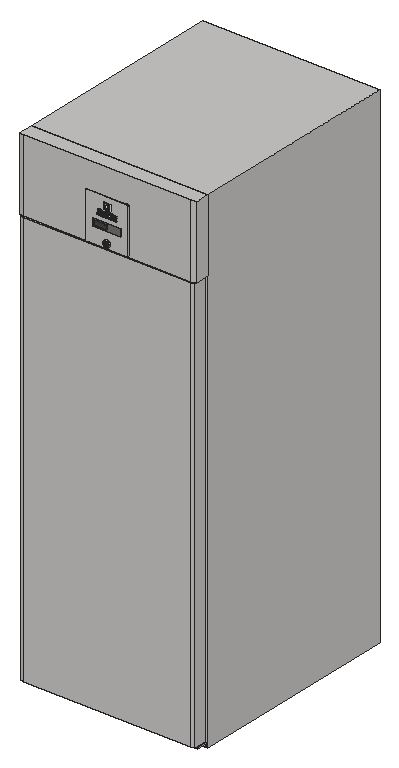
Revit family "QF_ELECTROLUXPROFESSIONAL_725160_RI093RE1FRC", category Specialty Equipment, Revit 2018
Family settings
  Round Connector Dimension = Use Diameter
  Part Type = Normal
  Work Plane-Based = No
  Always vertical = Yes
  Cut with Voids When Loaded = No
  Shared = No
  Room Calculation Point = No
Parameters (values of type "Standard")
  Weight = 133.00 kg
  Watts = 0 W
  Volts = 220 V
  URL Manufacturer = "http://professional.electrolux.com"
  URL = "http://professional.electrolux.com"
  Steam Supply Size = 0 mm
  Steam Supply Minimum Pressure = 0.0 Pa
  Steam Supply Maximum Pressure = 0.0 Pa
  Steam Pounds per Hour = 0
  Refrigeration Suction Line Size = 0.026 mm
  Refrigeration Liquid Line Size = 0.026 mm
  Refrigerant Compressor Remote = yes
  Manufacturer = "Electrolux Professional"
  Phase = 1
  Model = "RI093RE1FRC"
  Length Actual = 750 mm  # constant formula
  Item Number = "725160"
  Hot Water Size = 0 mm
  Height Actual = 2109 mm  # constant formula
  HP = "0.2 HP"
  Gas Size = 0 mm
  Gas KW = 0
  Gas Input Pressure = 0 W
  Direct Waste Size = 0 mm
  Description = "1-DOOR ROLL-IN REFRIGERATOR 930 LT 0/+10° REMOTE CO2+VALVE"
  Depth Actual = 986 mm  # constant formula
  Cycle = 60 Hz
  Condensate Return Size = 0 mm
  Compressed Air Volume = 0.0 L/s
  Compressed Air Size = 0 mm
  Compressed Air Pressure = 0.0 Pa
  Cold Water Size = 0 mm
  Accessory = yes
Types (2, lengths in mm): name | URL | Manufacturer | Phase | Model | Description
  (no name) | 0 | 0 | 0 | 0 | 0
  Standard | "http://professional.electrolux.com" | "Electrolux Professional" | 1 | "RI093RE1FRC" | "1-DOOR ROLL-IN REFRIGERATOR 930 LT 0/+10° REMOTE CO2+VALVE"
Values of the unnamed type that differ from the named types
  Volts = 0 V
  URL Manufacturer = ""
  Item Number = ""
  Cycle = 0 Hz
Reference planes
  plane 1 "Center (Front/Back)": y = 0
  plane 2: z = 0
  plane 3 "Center (Left/Right)": x = 0
  plane 4 "TOP": z = 2111
  plane 5 "FRONT": y = -493
  plane 6 "BACK": y = 493
  plane 7 "LEFT": x = -375
  plane 8 "RIGHT": x = 375
  plane 9 "ROy": y = 220
  plane 10 "RIy": y = 167
  plane 11 "ROx": x = 129
  plane 12 "RIx": x = 192
  plane 13 "ROz": z = 2004
Forms (mm)
  Extrusion 1, solid, material "QF_Finishes_Stainless Steel"
    sketch origin (0, 0, 0) x (1, 0, 0) y (0, 1, 0)
      loop
        line (-375, 493) -> (-375, -421) -> (375, -421) -> (375, 493) -> (-375, 493)
    from 0 to 2111
  Extrusion 2, solid
    sketch origin (0, 493, 1872) x (-1, 0, 0) y (0, 0, 1)
      loop
        circle (359, 144) r 10
    from 0 to 3.2
  Extrusion 3, solid, material "QF_Clearances", detail levels coarse
    sketch origin (0, 0, 0) x (1, 0, 0) y (0, 1, 0)
      loop
        line (-375, -493) -> (-375, 493) -> (375, 493) -> (375, -493) -> (425, -493) -> (425, 543) -> (-425, 543) -> (-425, -493) -> (-375, -493)
    from 0 to 2111
  Extrusion 4, solid, material "QF_Clearances", detail levels coarse
    sketch origin (0, 0, 2111) x (-1, 0, 0) y (0, -1, 0)
      loop
        line (425, -543) -> (425, 493) -> (-425, 493) -> (-425, -543) -> (425, -543)
    from 0 to 500
  Extrusion 5, void
    sketch origin (0, 493, 0) x (-1, 0, 0) y (0, 0, 1)
      loop
        line (315, 1723.5) -> (-315, 1723.5) -> (-315, 5) -> (315, 5) -> (315, 1723.5)
    from -59 to -914
  Extrusion 6, solid, material "QF_Finishes_Stainless Steel"
    sketch origin (0, 0, 2111) x (-1, 0, 0) y (0, -1, 0)
      loop
        circle (-192, -167) r 3
    from -213 to -103
  Extrusion 7, solid, material "QF_Finishes_Stainless Steel"
    sketch origin (0, 0, 0) x (0, 1, 0) y (0, 0, 1)
      loop
        circle (220, 2004) r 4.9
    from 157.649 to 129
Cuts and joins
  joined: Extrusion 3, Extrusion 4
  Extrusion 5 cuts Extrusion 1
Lines and regions (mm)
  symbolic lines, style "QF_Clearances", detail levels coarse
    curve 1: line (-375, -493, 2111) -> (-425, -493, 2111)
    curve 2: line (-425, -493, 2111) -> (-425, 543, 2111)
    curve 3: line (-425, 543, 2111) -> (425, 543, 2111)
    curve 4: line (425, 543, 2111) -> (425, -493, 2111)
    curve 5: line (425, -493, 2111) -> (375, -493, 2111)
Dimensions and locks
  plane 6 "BACK" to plane 1 "Center (Front/Back)" to plane 5 "FRONT" = 493 mm, 493 mm
  equal spacing: plane 7 "LEFT", plane 3 "Center (Left/Right)", plane 8 "RIGHT"
  plane 7 "LEFT" to plane 8 "RIGHT" = 750 mm
  plane 6 "BACK" to plane 5 "FRONT" = 986 mm
  plane 4 "TOP" to plane 2 = 2111 mm
  equal spacing: plane 8 "RIGHT", plane 3 "Center (Left/Right)", plane 7 "LEFT"
  plane 6 "BACK" to nested 1 = 1664 mm
  cut or joined group of Extrusion 1, Extrusion 5 to cut or joined group of Extrusion 1, Extrusion 5 = 630 mm
  cut or joined group of Extrusion 1, Extrusion 5 to cut or joined group of Extrusion 1, Extrusion 5 = 855 mm
  plane 6 "BACK" to plane 10 "RIy" = 326 mm
  plane 12 "RIx" to cut or joined group of Extrusion 1, Extrusion 5 = 183 mm
  plane 11 "ROx" to plane 12 "RIx" = 63 mm
  cut or joined group of Extrusion 1, Extrusion 5 to plane 13 "ROz" = 107 mm
  cut or joined group of Extrusion 3, Extrusion 4 to plane 4 "TOP" = 500 mm
  nested 1 to cut or joined group of Extrusion 1, Extrusion 5 = 980 mm
  nested 1 to nested 1 = 16 mm
  cut or joined group of Extrusion 3, Extrusion 4 to cut or joined group of Extrusion 1, Extrusion 5 = 50 mm
  cut or joined group of Extrusion 3, Extrusion 4 to plane 7 "LEFT" = 50 mm
  cut or joined group of Extrusion 1, Extrusion 5 to cut or joined group of Extrusion 3, Extrusion 4 = 50 mm
  plane 4 "TOP" to plane 13 "ROz" = 107 mm
  plane 9 "ROy" to plane 10 "RIy" = 53 mm
  aligned and locked: level to plane 2
Automatic sketch dimensions
  plane 7 "LEFT" to Extrusion 2 sketch curve = 16 mm
  Extrusion 4 sketch curve to plane 5 "FRONT" = 0 mm
  Extrusion 4 sketch curve to plane 8 "RIGHT" = 50 mm
  Extrusion 4 sketch curve to plane 7 "LEFT" = 50 mm
  plane 6 "BACK" to Extrusion 4 sketch curve = 50 mm
  Extrusion 1 sketch curve to plane 7 "LEFT" = 0 mm
  Extrusion 1 sketch curve to plane 8 "RIGHT" = 0 mm
  Extrusion 1 sketch curve to plane 6 "BACK" = 0 mm
  plane 5 "FRONT" to Extrusion 1 sketch curve = 72 mm
  Extrusion 2 sketch curve to plane 4 "TOP" = 95 mm
  Extrusion 3 sketch curve to plane 5 "FRONT" = 0 mm  (x2)
  Extrusion 3 sketch curve to plane 7 "LEFT" = 0 mm
  Extrusion 3 sketch curve to plane 6 "BACK" = 0 mm
  Extrusion 3 sketch curve to plane 8 "RIGHT" = 0 mm
  Extrusion 3 sketch curve to plane 7 "LEFT" = 50 mm
  Extrusion 3 sketch curve to plane 8 "RIGHT" = 50 mm
  plane 6 "BACK" to Extrusion 3 sketch curve = 50 mm
  level to Extrusion 5 sketch curve = 5 mm
  plane 8 "RIGHT" to Extrusion 5 sketch curve = 60 mm
  plane 7 "LEFT" to Extrusion 5 sketch curve = 60 mm
  Extrusion 5 sketch curve to plane 4 "TOP" = 387.5 mm
  Extrusion 6 sketch curve to plane 10 "RIy" = 0 mm
  Extrusion 6 sketch curve to plane 12 "RIx" = 0 mm
  Extrusion 7 sketch curve to plane 9 "ROy" = 0 mm
  Extrusion 7 sketch curve to plane 13 "ROz" = 0 mm
  curve 4 to plane 5 "FRONT" = 0 mm
  curve 5 to plane 8 "RIGHT" = 0 mm
  curve 1 to plane 5 "FRONT" = 0 mm
  curve 1 to plane 7 "LEFT" = 0 mm
  curve 4 to plane 8 "RIGHT" = 50 mm
  curve 2 to plane 7 "LEFT" = 50 mm
  plane 6 "BACK" to curve 4 = 50 mm
  radius of Extrusion 2 sketch curve = 10 mm
  radius of Extrusion 6 sketch curve = 3 mm
  radius of Extrusion 7 sketch curve = 4.9 mm
Nested families
  nested 1: "QF_725160_Door" at (0, -421, 1060.5) x (1, 0, 0) z (0, -1, 0), type "QF_725160_Door"
    with Show Clearance yes
  nested 2: "Refrigerator" at (370, -442.5, 110), type "Refrigerator"
Connectors
  electrical at (-359, 496.2, 2016), driven by "Volts"
    settings: on Extrusion 2, index 2, voltage 220 V, apparent load 0 VA, apparent load phase1 0 VA, apparent load phase2 0 VA, apparent load phase3 0 VA, power factor 1, load classification "Other", number of poles 1, system type 30, power factor state 1, is connector primary yes, connector utility no, sub classification motor no, connector description "Electrical Connection"
  piping at (192, 167, 2008)
    settings: on Extrusion 6, index 3, connector diameter 0 mm, connector inside diameter 609.6 mm, connector length 0 mm, flow factor 0, pipe flow 0.0 L/s, pressure drop 0.0 Pa, fitting loss kfactor 0, connector angle 0.00°, fixture units 0, engagement length 0 mm, angle of deflection 0.00°, flow configuration 1, flow direction 1, fitting loss method 0, system type 7, joint type 0, gender type 0, connector reference index -1, connector utility 0, adjustable connector no, is connector primary yes, connector description "Refrigerant Inlet"
  piping at (129, 220, 2004)
    settings: on Extrusion 7, index 4, connector diameter 0 mm, connector inside diameter 609.6 mm, connector length 0 mm, flow factor 0, pipe flow 0.0 L/s, pressure drop 0.0 Pa, fitting loss kfactor 0, connector angle 0.00°, fixture units 0, engagement length 0 mm, angle of deflection 0.00°, flow configuration 1, flow direction 2, fitting loss method 0, system type 7, joint type 0, gender type 0, connector reference index -1, connector utility 0, adjustable connector no, is connector primary no, connector description "Refrigerant Outlet"
Definition of nested family "QF_725160_Door"
  Parameters
    Show Clearance [instance] = yes
    Model = "725160"
    Default Elevation = 1219.2 mm
  Reference planes
    plane 1 "Center (Front/Back)": y = 7.5
    plane 2: z = 0
    plane 3 "Center (Left/Right)": x = 0
  Forms (mm)
    Extrusion 1, solid
      sketch origin (0, -919.2, 0) x (1, 0, 0) y (0, 1, 0)
        loop
          line (-740, 2119.2) -> (-740, -324.806) -> (846.344, -324.806) -> (846.344, 2119.2) -> (-740, 2119.2)
      from 0 to -59.546
    Extrusion 2, solid
      sketch origin (0, 7.5, 0) x (1, 0, 0) y (0, 0, 1)
        loop
          line (-375, 60.667) -> (-375, 0) -> (375, 0) -> (375, 60.667) -> (355, 66) -> (-355, 66) -> (-375, 60.667)
      from -1043 to -733
    Extrusion 3, solid
      sketch origin (0, 7.5, 0) x (1, 0, 0) y (0, 0, 1)
        loop
          line (-370, 62) -> (-370, 26) -> (-348, 26) -> (-348, 8) -> (-330, 8) -> (-330, 0) -> (362, 0) -> (362, 8) -> (370, 8) -> (370, 62) -> (355, 66) -> (-355, 66) -> (-370, 62)
      from -726 to 1043
    Extrusion 4, solid
      sketch origin (147, -721.5, 0) x (0, 1, 0) y (0, 0, 1)
        loop
          line (-323.003, 40.312) -> (-316.501, 40.312) -> (-316.501, 42.812) -> (-325.503, 42.812) -> (-325.503, 2.5) -> (-339, 2.5) -> (-339, 0) -> (-323.003, 0) -> (-323.003, 12.259) -> (-323.003, 40.312)
        loop
          line (-314, 38.311) -> (-316.501, 38.311) -> (-316.501, 14.304) -> (-319.752, 14.304) -> (-319.752, 11.804) -> (-314, 11.804) -> (-314, 38.311)
      from 185 to 220
    Extrusion 5, solid
      sketch origin (147, 499.597, 0) x (0, 1, 0) y (0, 0, 1)
        loop
          line (233.903, 27.948) -> (233.903, 2.948) -> (233.903, 0) -> (240.903, 0) -> (240.903, 2.5) -> (236.403, 2.5) -> (236.403, 27.948) -> (233.903, 27.948)
      from 185 to 220
    Extrusion 6, solid, detail levels coarse
      sketch origin (24, 1013.369, -334) x (-1, 0, 0) y (0, 0, -1)
        loop
          line (-367, -352) -> (-367, -1084) -> (-329, -1084) -> (-329, -1062) -> (-311, -1062) -> (-311, -1044) -> (-303, -1044) -> (-303, -400) -> (-351, -400) -> (-351, -352) -> (-367, -352)
      from 2048.869 to 279.869
    Extrusion 7, solid, detail levels coarse
      sketch origin (41, 1123.369, -334) x (1, 0, 0) y (0, 0, 1)
        loop
          line (286, 400) -> (286, 1044) -> (294, 1044) -> (294, 1062) -> (312, 1062) -> (312, 1084)
          arc (312, 1084) -> (-184.675, 884.882) -> (-411, 400) r 727.877
          line (-411, 400) -> (286, 400)
      from 2158.869 to 389.869
  Lines and regions (mm)
    symbolic lines
      curve 1: line (-375, 7.5, 0) -> (-375, 7.5, 60.667)
      curve 2: line (375, 7.5, 0) -> (-375, 7.5, 0)
      curve 3: line (391, 7.5, 18) -> (391, 7.5, 750)
      curve 4: line (327, 7.5, 66) -> (327, 7.5, 710)
      curve 5: line (391, 7.5, 750) -> (353, 7.5, 750)
      curve 6: line (353, 7.5, 728) -> (353, 7.5, 750)
      curve 7: line (335, 7.5, 728) -> (353, 7.5, 728)
      curve 8: line (335, 7.5, 710) -> (335, 7.5, 728)
      curve 9: line (327, 7.5, 710) -> (335, 7.5, 710)
      curve 10: line (375, 7.5, 18) -> (391, 7.5, 18)
      curve 11: arc (353, 7.5, 750) -> (-143.675, 7.5, 550.882) -> (-370, 7.5, 66) r 727.877
      curve 12: line (375, 7.5, 0) -> (375, 7.5, 60.667)
      curve 13: line (-355, 7.5, 66) -> (-375, 7.5, 60.667)
      curve 14: line (355, 7.5, 66) -> (-355, 7.5, 66)
      curve 15: line (375, 7.5, 60.667) -> (355, 7.5, 66)
  Dimensions and locks
    Extrusion 4 to Extrusion 2 = 2111 mm
    Extrusion 3 to Extrusion 3 = 740 mm
    aligned and locked: plane 2 to Extrusion 1
    aligned and locked: level to Extrusion 1
  Nested families
    nested 1: "QF_DisplayNewRollCabinets_ELX" at (0, 840.5, 66), type "QF_DisplayNewRollCabinets_ELX"
      with Show Clearance yes
  Definition of nested family "QF_DisplayNewRollCabinets_ELX"
    Parameters
      Show Clearance [instance] = yes
      Model = "728658"
      Default Elevation = 1219.2 mm
    Reference planes
      plane 1 "Center (Front/Back)": y = 0
      plane 2: z = 0
      plane 3 "Center (Left/Right)": x = 0
    Forms (mm)
      Extrusion 1, solid
        sketch origin (0, -919.2, 0) x (1, 0, 0) y (0, 1, 0)
          loop
            line (-198.75, 1146.2) -> (-198.75, 709.567) -> (165.741, 709.567) -> (165.741, 1146.2) -> (-198.75, 1146.2)
        from 0 to -59.546
      Extrusion 2, solid
        sketch origin (-59, -79.611, 0) x (0, 1, 0) y (-1, 0, 0)
          loop
            circle (0.611, -59) r 14
          loop
            circle (0.611, -59) r 10
        from 1.6 to 6
      Extrusion 3, solid
        sketch origin (744.635, 285.889, 0) x (0, 1, 0) y (-1, 0, 0)
          loop
            circle (-364.889, 744.635) r 10
          loop
            circle (-364.889, 744.635) r 9
        from 1.6 to 6
      Extrusion 4, solid
        sketch origin (744.635, 285.889, 0) x (0, 1, 0) y (-1, 0, 0)
          loop
            circle (-364.889, 744.635) r 8.7
        from 1.6 to 6
      Extrusion 5, void
        sketch origin (744.635, 285.889, 0) x (0, 1, 0) y (-1, 0, 0)
          loop
            line (-372.339, 745.885) -> (-372.339, 743.385) -> (-362.339, 743.385) -> (-362.339, 745.885) -> (-372.339, 745.885)
        from 3 to 7
      Extrusion 6, solid
        sketch origin (0, 0, 0) x (1, 0, 0) y (0, 1, 0)
          loop
            arc (-90, -95) -> (-88.536, -98.536) -> (-85, -100) r 5
            line (-85, -100) -> (85, -100)
            arc (85, -100) -> (88.536, -98.536) -> (90, -95) r 5
            line (90, -95) -> (90, 95)
            arc (90, 95) -> (88.536, 98.536) -> (85, 100) r 5
            line (85, 100) -> (-85, 100)
            arc (-85, 100) -> (-88.536, 98.536) -> (-90, 95) r 5
            line (-90, 95) -> (-90, -95)
          loop
            line (-60, -3.798) -> (-60, -32.827) -> (60, -32.827) -> (60, -3.798) -> (-60, -3.798)
        from 0 to 1.6
      Extrusion 7, solid
        sketch origin (0, 0, 0) x (1, 0, 0) y (0, 1, 0)
          loop
            line (-60, -3.798) -> (-60, -32.827) -> (60, -32.827) -> (60, -3.798) -> (-60, -3.798)
          loop
            line (-56.428, -8.037) -> (-56.428, -28.331) -> (0, -28.331) -> (0, -8.037) -> (-56.428, -8.037)
        from 0 to 1.6
      Extrusion 8, solid
        sketch origin (0, 0, 0) x (1, 0, 0) y (0, 1, 0)
          loop
            line (-56.428, -8.037) -> (-56.428, -28.331) -> (0, -28.331) -> (0, -8.037) -> (-56.428, -8.037)
        from 0 to 1.6
      Extrusion 9, solid
        sketch origin (0, 0, 0) x (1, 0, 0) y (0, 1, 0)
          loop
            spline (-35.495, 30.517) -> (-35.679, 30.525) -> (-35.875, 30.55) -> (-36.078, 30.596) -> (-36.282, 30.665) -> (-36.483, 30.762) -> (-36.674, 30.888) -> (-36.851, 31.047) -> (-37.007, 31.242) -> (-37.138, 31.476) -> (-37.238, 31.752) -> (-37.302, 32.073) -> (-37.325, 32.443)
            line (-37.325, 32.443) -> (-37.325, 34.082) -> (-31.914, 34.082) -> (-31.914, 36.172) -> (-37.326, 36.172) -> (-37.326, 39.215) -> (-31.569, 39.215) -> (-31.569, 41.3) -> (-39.541, 41.3) -> (-39.541, 32.538)
            spline (-39.541, 32.538) -> (-39.521, 31.999) -> (-39.461, 31.491) -> (-39.359, 31.016) -> (-39.214, 30.575) -> (-39.026, 30.17) -> (-38.792, 29.803) -> (-38.513, 29.476) -> (-38.186, 29.19) -> (-37.811, 28.948) -> (-37.386, 28.75) -> (-36.91, 28.599) -> (-36.383, 28.497)
            line (-36.383, 28.497) -> (-35.513, 28.434) -> (-31.415, 28.434) -> (-31.415, 30.517) -> (-35.495, 30.517)
          loop
            line (-29.841, 35.221) -> (-29.841, 28.431) -> (-27.625, 28.431) -> (-27.625, 41.303) -> (-29.841, 41.303) -> (-29.841, 35.221)
          loop
            spline (-16.689, 32.543) -> (-16.674, 33.24) -> (-16.741, 33.914) -> (-16.887, 34.559) -> (-17.108, 35.168) -> (-17.403, 35.737) -> (-17.768, 36.257) -> (-18.2, 36.724) -> (-18.697, 37.131) -> (-19.255, 37.471) -> (-19.872, 37.739) -> (-20.545, 37.929) -> (-21.271, 38.033)
            spline (-21.271, 38.033) -> (-21.961, 37.993) -> (-22.617, 37.875) -> (-23.233, 37.682) -> (-23.805, 37.417) -> (-24.328, 37.083) -> (-24.797, 36.683) -> (-25.207, 36.219) -> (-25.554, 35.696) -> (-25.832, 35.116) -> (-26.036, 34.481) -> (-26.162, 33.795) -> (-26.206, 33.061)
            spline (-26.206, 33.061) -> (-26.164, 32.345) -> (-26.041, 31.676) -> (-25.841, 31.056) -> (-25.568, 30.489) -> (-25.226, 29.977) -> (-24.818, 29.524) -> (-24.348, 29.133) -> (-23.822, 28.805) -> (-23.241, 28.546) -> (-22.61, 28.357) -> (-21.934, 28.241) -> (-21.215, 28.202)
            spline (-21.215, 28.202) -> (-20.865, 28.21) -> (-20.518, 28.237) -> (-20.176, 28.283) -> (-19.837, 28.35) -> (-19.503, 28.441) -> (-19.173, 28.557) -> (-18.847, 28.699) -> (-18.525, 28.87) -> (-18.208, 29.07) -> (-17.895, 29.303) -> (-17.587, 29.569) -> (-17.283, 29.871)
            line (-17.283, 29.871) -> (-18.618, 31.17)
            spline (-18.618, 31.17) -> (-18.794, 31.001) -> (-18.971, 30.845) -> (-19.151, 30.704) -> (-19.334, 30.578) -> (-19.523, 30.465) -> (-19.72, 30.368) -> (-19.925, 30.284) -> (-20.141, 30.216) -> (-20.369, 30.163) -> (-20.61, 30.125) -> (-20.867, 30.102) -> (-21.141, 30.094)
            spline (-21.141, 30.094) -> (-21.542, 30.114) -> (-21.918, 30.172) -> (-22.268, 30.268) -> (-22.589, 30.399) -> (-22.881, 30.564) -> (-23.142, 30.762) -> (-23.37, 30.99) -> (-23.564, 31.248) -> (-23.721, 31.534) -> (-23.841, 31.846) -> (-23.921, 32.183) -> (-23.961, 32.543)
            line (-23.961, 32.543) -> (-16.689, 32.543)
          loop
            spline (-18.915, 34.101) -> (-18.937, 34.375) -> (-19, 34.638) -> (-19.101, 34.889) -> (-19.237, 35.124) -> (-19.407, 35.342) -> (-19.606, 35.538) -> (-19.833, 35.712) -> (-20.083, 35.859) -> (-20.355, 35.979) -> (-20.646, 36.067) -> (-20.952, 36.122) -> (-21.271, 36.141)
            spline (-21.271, 36.141) -> (-21.613, 36.123) -> (-21.943, 36.069) -> (-22.256, 35.981) -> (-22.552, 35.864) -> (-22.825, 35.717) -> (-23.075, 35.545) -> (-23.297, 35.35) -> (-23.49, 35.133) -> (-23.65, 34.897) -> (-23.774, 34.645) -> (-23.86, 34.379) -> (-23.905, 34.101)
            line (-23.905, 34.101) -> (-18.915, 34.101)
          loop
            spline (-13.301, 33.118) -> (-13.275, 33.53) -> (-13.201, 33.921) -> (-13.081, 34.288) -> (-12.918, 34.628) -> (-12.715, 34.938) -> (-12.475, 35.216) -> (-12.201, 35.459) -> (-11.896, 35.664) -> (-11.563, 35.828) -> (-11.205, 35.948) -> (-10.825, 36.023) -> (-10.425, 36.048)
            spline (-10.425, 36.048) -> (-10.18, 36.041) -> (-9.946, 36.018) -> (-9.721, 35.98) -> (-9.505, 35.928) -> (-9.298, 35.862) -> (-9.099, 35.782) -> (-8.908, 35.688) -> (-8.724, 35.581) -> (-8.547, 35.461) -> (-8.376, 35.329) -> (-8.211, 35.185) -> (-8.051, 35.028)
            line (-8.051, 35.028) -> (-6.678, 36.457)
            spline (-6.678, 36.457) -> (-6.951, 36.73) -> (-7.233, 36.975) -> (-7.522, 37.194) -> (-7.819, 37.386) -> (-8.123, 37.553) -> (-8.434, 37.695) -> (-8.751, 37.813) -> (-9.075, 37.908) -> (-9.404, 37.98) -> (-9.739, 38.031) -> (-10.08, 38.061) -> (-10.425, 38.07)
            spline (-10.425, 38.07) -> (-11.118, 38.028) -> (-11.781, 37.902) -> (-12.409, 37.698) -> (-12.996, 37.421) -> (-13.537, 37.075) -> (-14.024, 36.665) -> (-14.453, 36.196) -> (-14.817, 35.671) -> (-15.11, 35.097) -> (-15.327, 34.476) -> (-15.462, 33.815) -> (-15.508, 33.118)
            spline (-15.508, 33.118) -> (-15.462, 32.42) -> (-15.327, 31.759) -> (-15.11, 31.138) -> (-14.817, 30.564) -> (-14.453, 30.039) -> (-14.024, 29.57) -> (-13.537, 29.16) -> (-12.996, 28.814) -> (-12.409, 28.537) -> (-11.781, 28.333) -> (-11.118, 28.207) -> (-10.425, 28.165)
            spline (-10.425, 28.165) -> (-10.08, 28.174) -> (-9.739, 28.204) -> (-9.404, 28.255) -> (-9.075, 28.327) -> (-8.751, 28.422) -> (-8.434, 28.54) -> (-8.123, 28.682) -> (-7.819, 28.849) -> (-7.522, 29.041) -> (-7.233, 29.26) -> (-6.951, 29.505) -> (-6.678, 29.779)
            line (-6.678, 29.779) -> (-8.051, 31.207)
            spline (-8.051, 31.207) -> (-8.211, 31.05) -> (-8.376, 30.906) -> (-8.547, 30.774) -> (-8.724, 30.654) -> (-8.908, 30.547) -> (-9.099, 30.453) -> (-9.298, 30.373) -> (-9.505, 30.307) -> (-9.721, 30.255) -> (-9.946, 30.217) -> (-10.18, 30.194) -> (-10.425, 30.187)
            spline (-10.425, 30.187) -> (-10.825, 30.212) -> (-11.205, 30.287) -> (-11.563, 30.407) -> (-11.896, 30.571) -> (-12.201, 30.776) -> (-12.475, 31.019) -> (-12.715, 31.297) -> (-12.918, 31.607) -> (-13.081, 31.947) -> (-13.201, 32.314) -> (-13.275, 32.705) -> (-13.301, 33.118)
          loop
            spline (-1.029, 30.514) -> (-1.224, 30.511) -> (-1.433, 30.525) -> (-1.651, 30.562) -> (-1.872, 30.623) -> (-2.09, 30.713) -> (-2.301, 30.835) -> (-2.498, 30.992) -> (-2.675, 31.189) -> (-2.829, 31.429) -> (-2.952, 31.716) -> (-3.039, 32.053) -> (-3.086, 32.443)
            line (-3.086, 32.443) -> (-3.086, 35.726) -> (-1.07, 35.726) -> (-1.07, 37.739) -> (-3.083, 37.739) -> (-3.083, 41.303) -> (-5.299, 41.303) -> (-5.299, 32.317)
            spline (-5.299, 32.317) -> (-5.251, 31.795) -> (-5.165, 31.305) -> (-5.04, 30.847) -> (-4.875, 30.424) -> (-4.668, 30.037) -> (-4.418, 29.687) -> (-4.125, 29.377) -> (-3.788, 29.108) -> (-3.405, 28.881) -> (-2.975, 28.699) -> (-2.498, 28.562) -> (-1.972, 28.474)
            line (-1.972, 28.474) -> (-1.037, 28.431) -> (-1.029, 30.514)
          loop
            spline (6.427, 37.868) -> (6.044, 37.892) -> (5.675, 37.885) -> (5.321, 37.849) -> (4.984, 37.784) -> (4.663, 37.692) -> (4.362, 37.573) -> (4.079, 37.428) -> (3.817, 37.259) -> (3.576, 37.066) -> (3.358, 36.85) -> (3.163, 36.613) -> (2.992, 36.355)
            line (2.992, 36.355) -> (2.992, 37.739) -> (0.794, 37.739) -> (0.794, 28.431) -> (2.992, 28.431) -> (2.992, 33.325)
            spline (2.992, 33.325) -> (3.013, 33.696) -> (3.072, 34.042) -> (3.169, 34.362) -> (3.303, 34.653) -> (3.471, 34.915) -> (3.673, 35.147) -> (3.907, 35.346) -> (4.171, 35.513) -> (4.465, 35.644) -> (4.785, 35.74) -> (5.132, 35.799) -> (5.504, 35.818)
            line (5.504, 35.818) -> (6.427, 35.726) -> (6.427, 37.868)
          loop
            spline (16.924, 33.085) -> (16.877, 33.768) -> (16.743, 34.419) -> (16.525, 35.032) -> (16.231, 35.603) -> (15.866, 36.126) -> (15.437, 36.596) -> (14.949, 37.008) -> (14.409, 37.357) -> (13.823, 37.637) -> (13.196, 37.844) -> (12.535, 37.972) -> (11.845, 38.016)
            spline (11.845, 38.016) -> (11.152, 37.972) -> (10.488, 37.844) -> (9.86, 37.637) -> (9.273, 37.357) -> (8.733, 37.008) -> (8.246, 36.596) -> (7.818, 36.126) -> (7.455, 35.603) -> (7.163, 35.032) -> (6.946, 34.419) -> (6.812, 33.768) -> (6.766, 33.085)
            spline (6.766, 33.085) -> (6.812, 32.402) -> (6.946, 31.752) -> (7.163, 31.138) -> (7.455, 30.568) -> (7.818, 30.045) -> (8.246, 29.574) -> (8.733, 29.162) -> (9.273, 28.813) -> (9.86, 28.533) -> (10.488, 28.326) -> (11.152, 28.198) -> (11.845, 28.154)
            spline (11.845, 28.154) -> (12.535, 28.198) -> (13.196, 28.326) -> (13.823, 28.533) -> (14.409, 28.813) -> (14.949, 29.162) -> (15.437, 29.574) -> (15.866, 30.045) -> (16.231, 30.568) -> (16.525, 31.138) -> (16.743, 31.752) -> (16.877, 32.402) -> (16.924, 33.085)
          loop
            spline (14.726, 33.085) -> (14.7, 33.488) -> (14.625, 33.872) -> (14.504, 34.235) -> (14.34, 34.572) -> (14.136, 34.882) -> (13.895, 35.161) -> (13.62, 35.405) -> (13.315, 35.612) -> (12.981, 35.778) -> (12.623, 35.901) -> (12.244, 35.977) -> (11.845, 36.003)
            spline (11.845, 36.003) -> (11.443, 35.977) -> (11.061, 35.901) -> (10.702, 35.778) -> (10.368, 35.612) -> (10.063, 35.405) -> (9.789, 35.161) -> (9.549, 34.882) -> (9.346, 34.572) -> (9.184, 34.235) -> (9.064, 33.872) -> (8.99, 33.488) -> (8.965, 33.085)
            spline (8.965, 33.085) -> (8.99, 32.682) -> (9.064, 32.298) -> (9.184, 31.936) -> (9.346, 31.598) -> (9.549, 31.288) -> (9.789, 31.01) -> (10.063, 30.765) -> (10.368, 30.558) -> (10.702, 30.392) -> (11.061, 30.269) -> (11.443, 30.193) -> (11.845, 30.167)
            spline (11.845, 30.167) -> (12.244, 30.193) -> (12.623, 30.269) -> (12.981, 30.392) -> (13.315, 30.558) -> (13.62, 30.765) -> (13.895, 31.01) -> (14.136, 31.288) -> (14.34, 31.598) -> (14.504, 31.936) -> (14.625, 32.298) -> (14.7, 32.682) -> (14.726, 33.085)
          loop
            line (18.286, 35.443) -> (18.286, 28.431) -> (20.504, 28.431) -> (20.504, 41.303) -> (18.286, 41.303) -> (18.286, 35.443)
          loop
            line (28.496, 37.739) -> (28.496, 32.328)
            spline (28.496, 32.328) -> (28.478, 31.977) -> (28.426, 31.659) -> (28.342, 31.376) -> (28.228, 31.126) -> (28.085, 30.908) -> (27.916, 30.721) -> (27.723, 30.566) -> (27.508, 30.44) -> (27.273, 30.344) -> (27.019, 30.276) -> (26.748, 30.236) -> (26.464, 30.223)
            spline (26.464, 30.223) -> (26.18, 30.236) -> (25.909, 30.276) -> (25.656, 30.344) -> (25.42, 30.44) -> (25.205, 30.564) -> (25.012, 30.719) -> (24.843, 30.904) -> (24.701, 31.12) -> (24.587, 31.368) -> (24.503, 31.648) -> (24.451, 31.962) -> (24.433, 32.309)
            line (24.433, 32.309) -> (24.433, 37.739) -> (22.198, 37.739) -> (22.198, 32.125)
            spline (22.198, 32.125) -> (22.238, 31.488) -> (22.352, 30.91) -> (22.537, 30.388) -> (22.786, 29.923) -> (23.095, 29.514) -> (23.456, 29.16) -> (23.866, 28.863) -> (24.319, 28.62) -> (24.808, 28.432) -> (25.33, 28.298) -> (25.877, 28.218) -> (26.446, 28.191)
            spline (26.446, 28.191) -> (27.019, 28.218) -> (27.571, 28.299) -> (28.097, 28.435) -> (28.591, 28.626) -> (29.047, 28.872) -> (29.46, 29.174) -> (29.825, 29.532) -> (30.136, 29.947) -> (30.387, 30.419) -> (30.574, 30.948) -> (30.69, 31.535) -> (30.729, 32.18)
            line (30.729, 32.18) -> (30.729, 37.739) -> (28.496, 37.739)
          loop
            line (39.115, 31.408) -> (37.717, 33.362) -> (39.448, 35.719) -> (40.93, 37.739) -> (38.511, 37.739) -> (36.497, 34.95) -> (34.466, 37.739) -> (32.065, 37.739) -> (33.442, 35.856) -> (35.279, 33.344) -> (33.354, 30.663) -> (31.751, 28.431) -> (34.134, 28.431) -> (36.497, 31.719) -> (38.861, 28.431) -> (41.244, 28.431) -> (39.115, 31.408)
          loop
            line (-38.295, 23.783) -> (-40.009, 23.783) -> (-40.009, 19.333) -> (-39.095, 19.333) -> (-39.095, 20.841) -> (-38.295, 20.841)
            arc (-38.295, 20.841) -> (-36.824, 22.312) -> (-38.295, 23.783) r 1.471
          loop
            arc (-38.234, 21.69) -> (-37.702, 22.312) -> (-38.234, 22.934) r 0.63
            line (-38.234, 22.934) -> (-39.095, 22.934) -> (-39.095, 21.69) -> (-38.234, 21.69)
          loop
            line (-31.313, 23.783) -> (-33.058, 23.783) -> (-33.058, 19.333) -> (-32.144, 19.333) -> (-32.144, 20.866) -> (-31.349, 20.866) -> (-30.568, 19.333) -> (-29.53, 19.333) -> (-30.598, 21.091)
            arc (-30.598, 21.091) -> (-30.04, 21.611) -> (-29.845, 22.348) r 1.374
            arc (-29.845, 22.348) -> (-30.287, 23.365) -> (-31.313, 23.783) r 1.469
          loop
            line (-31.332, 22.942) -> (-32.144, 22.942) -> (-32.144, 21.7) -> (-31.332, 21.7)
            arc (-31.332, 21.7) -> (-30.827, 22.321) -> (-31.332, 22.942) r 0.634
          loop
            circle (-23.849, 21.558) r 2.311
          loop
            circle (-23.849, 21.558) r 1.467
          loop
            line (-17.711, 23.783) -> (-17.711, 19.333) -> (-16.796, 19.333) -> (-16.796, 21.162) -> (-15.122, 21.162) -> (-15.122, 22.003) -> (-16.796, 22.003) -> (-16.796, 22.942) -> (-14.961, 22.942) -> (-14.961, 23.783) -> (-17.711, 23.783)
          loop
            line (-11.187, 23.783) -> (-11.187, 20.776)
            arc (-11.187, 20.776) -> (-10.776, 19.757) -> (-9.763, 19.333) r 1.424
            line (-9.763, 19.333) -> (-8.326, 19.333) -> (-8.326, 20.174) -> (-9.388, 20.174)
            arc (-9.388, 20.174) -> (-10.074, 20.494) -> (-10.272, 21.224) r 0.897
            line (-10.272, 21.224) -> (-8.492, 21.224) -> (-8.492, 22.065) -> (-10.272, 22.065) -> (-10.272, 22.942) -> (-8.369, 22.942) -> (-8.369, 23.783) -> (-11.187, 23.783)
          loop
            line (-2.341, 22.616) -> (-1.684, 23.067)
            arc (-1.684, 23.067) -> (-2.293, 23.661) -> (-3.121, 23.857) r 1.593
            arc (-3.121, 23.857) -> (-3.842, 23.672) -> (-4.423, 23.206) r 1.765
            arc (-4.423, 23.206) -> (-4.501, 22.623) -> (-4.383, 22.046) r 1.775
            arc (-4.383, 22.046) -> (-3.986, 21.617) -> (-3.47, 21.346) r 1.724
            arc (-3.47, 21.346) -> (-3.071, 21.188) -> (-2.688, 20.994) r 4.507
            arc (-2.688, 20.994) -> (-2.464, 20.43) -> (-2.973, 20.098) r 0.479
            arc (-2.973, 20.098) -> (-3.616, 20.315) -> (-4.111, 20.78) r 1.593
            line (-4.111, 20.78) -> (-4.81, 20.341)
            arc (-4.81, 20.341) -> (-4.533, 19.884) -> (-4.129, 19.534) r 1.711
            arc (-4.129, 19.534) -> (-3.616, 19.315) -> (-3.061, 19.259) r 1.845
            arc (-3.061, 19.259) -> (-2.375, 19.396) -> (-1.757, 19.724) r 2.41
            arc (-1.757, 19.724) -> (-1.484, 20.45) -> (-1.625, 21.213) r 1.447
            arc (-1.625, 21.213) -> (-1.929, 21.564) -> (-2.319, 21.818) r 1.678
            arc (-2.319, 21.818) -> (-2.811, 22.038) -> (-3.316, 22.227) r 8.836
            arc (-3.316, 22.227) -> (-3.607, 22.681) -> (-3.186, 23.017) r 0.402
            arc (-3.186, 23.017) -> (-2.717, 22.913) -> (-2.341, 22.616) r 1.07
          loop
            line (9.023, 23.783) -> (9.023, 19.333) -> (9.938, 19.333) -> (9.938, 23.783) -> (9.023, 23.783)
          loop
            circle (16.107, 21.558) r 1.384
          loop
            circle (16.107, 21.558) r 2.311
          loop
            line (22.245, 19.333) -> (23.169, 19.333) -> (23.169, 22.131) -> (25.205, 19.333) -> (26.094, 19.333) -> (26.094, 23.783) -> (25.17, 23.783) -> (25.17, 20.9) -> (23.135, 23.783) -> (22.245, 23.783) -> (22.245, 19.333)
          loop
            line (30.707, 19.333) -> (31.141, 20.293) -> (32.787, 20.293) -> (33.22, 19.333) -> (34.204, 19.333) -> (31.937, 23.783) -> (29.725, 19.333) -> (30.707, 19.333)
          loop
            line (31.964, 22.119) -> (31.552, 21.206) -> (32.376, 21.206) -> (31.964, 22.119)
          loop
            line (38.748, 20.174) -> (38.748, 23.783) -> (37.833, 23.783) -> (37.833, 19.333) -> (40.459, 19.333) -> (40.459, 20.174) -> (38.748, 20.174)
          loop
            line (-14.216, 47.398) -> (14.216, 47.398) -> (14.216, 75.792) -> (-14.216, 75.792) -> (-14.216, 47.398)
          loop
            line (3.797, 74.398) -> (3.797, 48.85)
            arc (3.797, 48.85) -> (13.241, 61.624) -> (3.797, 74.398) r 13.361
          loop
            line (2.497, 72.548) -> (2.497, 74.398)
            arc (2.497, 74.398) -> (-8.128, 71.983) -> (-13.247, 62.364) r 13.094
            line (-13.247, 62.364) -> (-9.02, 62.364)
            arc (-9.02, 62.364) -> (-1.469, 65.429) -> (2.497, 72.548) r 12.273
          loop
            arc (-13.247, 60.883) -> (-8.136, 51.185) -> (2.497, 48.522) r 13.436
            line (2.497, 48.522) -> (2.497, 50.7)
            arc (2.497, 50.7) -> (-1.469, 57.818) -> (-9.02, 60.883) r 12.273
            line (-9.02, 60.883) -> (-13.247, 60.883)
          loop
            line (4.381, 22.616) -> (5.039, 23.067)
            arc (5.039, 23.067) -> (4.429, 23.661) -> (3.601, 23.857) r 1.593
            arc (3.601, 23.857) -> (2.88, 23.672) -> (2.299, 23.206) r 1.765
            arc (2.299, 23.206) -> (2.221, 22.623) -> (2.339, 22.046) r 1.775
            arc (2.339, 22.046) -> (2.736, 21.617) -> (3.252, 21.346) r 1.724
            arc (3.252, 21.346) -> (3.651, 21.188) -> (4.034, 20.994) r 4.507
            arc (4.034, 20.994) -> (4.258, 20.43) -> (3.75, 20.098) r 0.479
            arc (3.75, 20.098) -> (3.106, 20.315) -> (2.611, 20.78) r 1.593
            line (2.611, 20.78) -> (1.912, 20.341)
            arc (1.912, 20.341) -> (2.189, 19.884) -> (2.594, 19.534) r 1.711
            arc (2.594, 19.534) -> (3.106, 19.315) -> (3.661, 19.259) r 1.845
            arc (3.661, 19.259) -> (4.347, 19.396) -> (4.965, 19.724) r 2.41
            arc (4.965, 19.724) -> (5.238, 20.45) -> (5.097, 21.213) r 1.447
            arc (5.097, 21.213) -> (4.793, 21.564) -> (4.403, 21.818) r 1.678
            arc (4.403, 21.818) -> (3.911, 22.038) -> (3.406, 22.227) r 8.836
            arc (3.406, 22.227) -> (3.115, 22.681) -> (3.536, 23.017) r 0.402
            arc (3.536, 23.017) -> (4.005, 22.913) -> (4.381, 22.616) r 1.07
        from 1.6 to 3.2
      Extrusion 10, solid
        sketch origin (0, 0, 0) x (1, 0, 0) y (0, 1, 0)
          loop
            line (1.25, -86.45) -> (1.25, -76.45) -> (-1.25, -76.45) -> (-1.25, -86.45) -> (1.25, -86.45)
        from 1.6 to 6
    Cuts and joins
      Extrusion 5 cuts Extrusion 4
    Lines and regions (mm)
      symbolic lines
        curve 1: line (52.518, 0, 4) -> (-53.037, 0, 4)
        curve 2: line (40, 0, 4) -> (40, 0, 6)
        curve 3: line (40, 0, 6) -> (-40, 0, 6)
        curve 4: line (-40, 0, 6) -> (-40, 0, 4)
        curve 5: line (-64.765, 0, 0) -> (-53.037, 0, 4)
        curve 6: line (52.518, 0, 4) -> (64.135, 0, 0)
    Dimensions and locks
      aligned and locked: plane 2 to Extrusion 1
      aligned and locked: level to Extrusion 1
Definition of nested family "Refrigerator"
  Reference planes
    plane 1 "Center (Front/Back)": y = 0
    plane 2: z = 0
    plane 3 "Center (Left/Right)": x = 0
  Lines and regions (mm)
    detail lines, in view "Ref. Level"
      curve 1: spline (-500, 190, 0) -> (-493.185, 166.706, 0) -> (-473.205, 145, 0) -> (-441.421, 126.36, 0) -> (-400, 112.058, 0) -> (-351.764, 103.067, 0) -> (-300, 100, 0) -> (-248.236, 103.067, 0) -> (-200, 112.058, 0) -> (-158.579, 126.36, 0) -> (-126.795, 145, 0) -> (-106.815, 166.706, 0) -> (-100, 190, 0) -> (-106.815, 213.294, 0) -> (-126.795, 235, 0) -> (-158.579, 253.64, 0) -> (-200, 267.942, 0) -> (-248.236, 276.933, 0) -> (-300, 280, 0) -> (-351.764, 276.933, 0) -> (-400, 267.942, 0) -> (-441.421, 253.64, 0) -> (-473.205, 235, 0) -> (-493.185, 213.294, 0) -> (-500, 190, 0)
      curve 2: line (-300, 130, 0) -> (-300, 250, 0)
      curve 3: line (-351.962, 220, 0) -> (-248.038, 160, 0)
      curve 4: line (-351.962, 160, 0) -> (-248.038, 220, 0)
      curve 5: line (-280.884, 246.873, 0) -> (-300, 225, 0)
      curve 6: line (-300, 225, 0) -> (-319.116, 246.873, 0)
      curve 7: line (-330.311, 207.5, 0) -> (-339.696, 234.992, 0)
      curve 8: line (-358.812, 201.882, 0) -> (-330.311, 207.5, 0)
      curve 9: line (-330.311, 172.5, 0) -> (-358.812, 178.118, 0)
      curve 10: line (-339.696, 145.008, 0) -> (-330.311, 172.5, 0)
      curve 11: line (-300, 155, 0) -> (-319.116, 133.127, 0)
      curve 12: line (-280.884, 133.127, 0) -> (-300, 155, 0)
      curve 13: line (-269.689, 172.5, 0) -> (-260.304, 145.008, 0)
      curve 14: line (-241.188, 178.118, 0) -> (-269.689, 172.5, 0)
      curve 15: line (-269.689, 207.5, 0) -> (-241.188, 201.882, 0)
      curve 16: line (-260.304, 234.992, 0) -> (-269.689, 207.5, 0)
